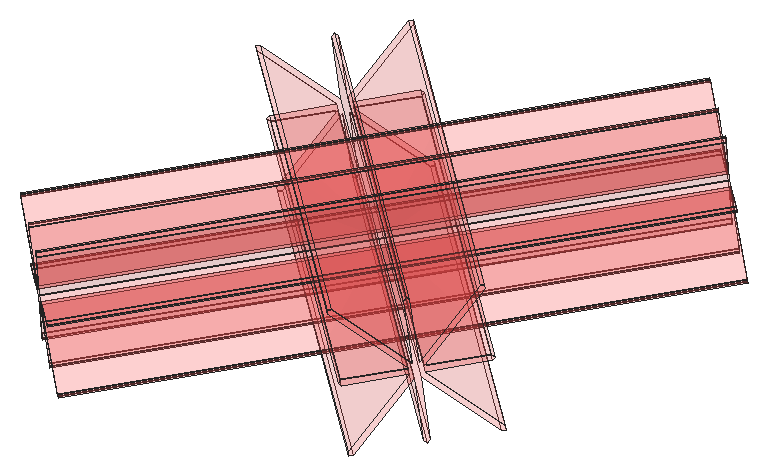
Revit family "X", category Generic Models, Revit 2021
Family settings
  Can host rebar = No
  Round Connector Dimension = Use Diameter
  Part Type = Normal
  Work Plane-Based = No
  Always vertical = Yes
  Cut with Voids When Loaded = No
  Shared = No
  Room Calculation Point = No
Parameters
  Material = Glass
  Default Elevation = 0 mm
Reference planes
  plane 1 "Center (Front/Back)": y = 0
  plane 2: z = 0
  plane 3 "Center (Left/Right)": x = 0
Forms (mm)
  Extrusion 1, solid, material "Glass" <- "Material"
    sketch origin (-88.917, 88.815, -15.487) x (0.696364, 0.707107, 0.122788) y (-0.173648, 0, 0.984808)
      loop
        line (130.2, 130.2) -> (122.28, 130.2) -> (5.6, 13.52) -> (5.6, 124.6) -> (0, 130.2) -> (-5.6, 124.6) -> (-5.6, 13.52) -> (-122.28, 130.2) -> (-130.2, 130.2) -> (-130.2, 122.28) -> (-13.52, 5.6) -> (-124.6, 5.6) -> (-130.2, 0) -> (-124.6, -5.6) -> (-13.52, -5.6) -> (-130.2, -122.28) -> (-130.2, -130.2) -> (-122.28, -130.2) -> (-5.6, -13.52) -> (-5.6, -124.6) -> (0, -130.2) -> (5.6, -124.6) -> (5.6, -13.52) -> (122.28, -130.2) -> (130.2, -130.2) -> (130.2, -122.28) -> (13.52, -5.6) -> (124.6, -5.6) -> (130.2, 0) -> (124.6, 5.6) -> (13.52, 5.6) -> (130.2, 122.28) -> (130.2, 130.2)
    from -447.75 to 695.403
  Extrusion 2, solid, material "Glass" <- "Material"
    sketch origin (-88.917, -88.815, -15.487) x (-0.696364, 0.707107, -0.122788) y (-0.173648, 0, 0.984808)
      loop
        line (130.2, 130.2) -> (122.28, 130.2) -> (5.6, 13.52) -> (5.6, 124.6) -> (0, 130.2) -> (-5.6, 124.6) -> (-5.6, 13.52) -> (-122.28, 130.2) -> (-130.2, 130.2) -> (-130.2, 122.28) -> (-13.52, 5.6) -> (-124.6, 5.6) -> (-130.2, 0) -> (-124.6, -5.6) -> (-13.52, -5.6) -> (-130.2, -122.28) -> (-130.2, -130.2) -> (-122.28, -130.2) -> (-5.6, -13.52) -> (-5.6, -124.6) -> (0, -130.2) -> (5.6, -124.6) -> (5.6, -13.52) -> (122.28, -130.2) -> (130.2, -130.2) -> (130.2, -122.28) -> (13.52, -5.6) -> (124.6, -5.6) -> (130.2, 0) -> (124.6, 5.6) -> (13.52, 5.6) -> (130.2, 122.28) -> (130.2, 130.2)
    from -439.438 to 700.003
Dimensions and locks
  aligned and locked: level to plane 2
